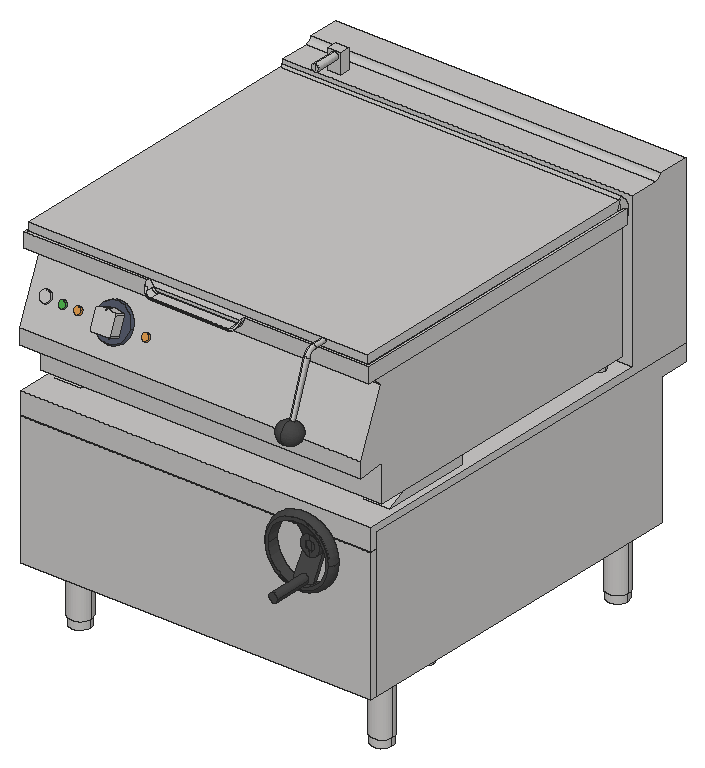
Revit family "QF_ZANUSSI_392416_Z9PPBDBAME", category Specialty Equipment, Revit 2018
Family settings
  Round Connector Dimension = Use Diameter
  Part Type = Normal
  Work Plane-Based = No
  Always vertical = Yes
  Cut with Voids When Loaded = No
  Shared = No
  Room Calculation Point = No
Parameters (values of type "Standard")
  Weight = 150.00 kg
  Watts = 0 W
  Volts = 380 V
  URL Manufacturer = "http://www.zanussiprofessional.com"
  URL = "http://www.zanussiprofessional.com"
  Steam Supply Size = 0"
  Steam Supply Minimum Pressure = 0.00 psi
  Steam Supply Maximum Pressure = 0.00 psi
  Steam Pounds per Hour = 0
  Show Logo [instance] = yes
  Show Clearance [instance] = yes
  Refrigeration Suction Line Size = 0"
  Refrigeration Liquid Line Size = 0"
  Refrigerant Compressor Remote = yes
  Phase = 3
  Model = "Z9PPBDBAME"
  Manufacturer = "Zanussi"
  Length Actual = 800 mm  # constant formula
  Item Number = "392416"
  Hot Water Size = 0"
  Height Actual = 850 mm  # constant formula
  HP = "17.4 HP"
  Gas Size = 0"
  Gas KW = 0
  Gas Input Pressure = 0.0 Btu/h
  Direct Waste Size = 0"
  Description = "80LT EL.BRATT PAN DUOMAT BOTTOM (AUS)"
  Depth Actual = 900 mm  # constant formula
  Cycle = 60 Hz
  Condensate Return Size = 0"
  Compressed Air Volume = 0 GPM
  Compressed Air Size = 0"
  Compressed Air Pressure = 0.00 psi
  Cold Water Size = 3/4"
  Assembly Code = ""
  Accessory = yes
Reference planes
  plane 1 "BACK": y = 0
  plane 2: z = 0
  plane 3 "LEFT": x = 0
  plane 4 "RIGHT": x = 800
  plane 5 "FRONT": y = -915
  plane 6 "TOP": z = 898
  plane 7 "Center Y": x = 400
  plane 8 "Center X": y = -457.5
  plane 9 "Base": z = 149
  plane 10: z = 502.193
  plane 11: z = 1653
  plane 12: y = -125
  plane 13: y = -799
  plane 14: y = -1034
  plane 15: x = 55
  plane 16: y = -160.853
  plane 17: x = 745
  plane 18: y = -1014
  plane 19: y = -899.182
  plane 20: x = 786
  plane 21: z = 850
  plane 22: x = 389
  plane 23: y = -702.182
  plane 24: y = -760.182
  plane 25: x = 340
Forms (mm)
  Revolve 1, solid, material "QF_Finishes_Stainless Steel"
    sketch origin (0, -125, 0) x (1, 0, 0) y (0, 0, 1)
      loop
        line (55, 0) -> (55, 149) -> (29.6, 149) -> (29.6, 19.05) -> (32.1, 19.05) -> (32.1, 0) -> (55, 0)
      axis (55, 0) -> (55, 149)
    angle from 0 to 360
  Revolve 2, solid, material "QF_Finishes_Stainless Steel"
    sketch origin (0, -799, 0) x (1, 0, 0) y (0, 0, 1)
      loop
        line (55, 0) -> (55, 149) -> (29.6, 149) -> (29.6, 19.05) -> (32.1, 19.05) -> (32.1, 0) -> (55, 0)
      axis (55, 0) -> (55, 149)
    angle from 0 to 360
  Extrusion 3, solid, material "QF_Finishes_Stainless Steel"
    sketch origin (0, -214.682, 0) x (0, 1, 0) y (0, 0, 1)
      loop
        line (214.682, 487.193) -> (214.682, 866.248) -> (143.055, 866.248)
        arc (143.055, 866.248) -> (139.432, 857.502) -> (130.686, 853.88) r 12.368
        line (130.686, 853.88) -> (64.682, 853.88) -> (64.682, 502.193) -> (-684.5, 502.193) -> (-684.5, 452.193) -> (-669.5, 452.193) -> (-669.5, 487.193) -> (214.682, 487.193)
      loop
        line (-669.5, 149) -> (-669.5, 451.193) -> (-684.5, 451.193) -> (-684.5, 149) -> (-669.5, 149)
    from 0 to 800
  Extrusion 4, solid, material "QF_Finishes_Stainless Steel"
    sketch origin (0, -214.682, 0) x (0, 1, 0) y (0, 0, 1)
      loop
        line (44.029, 528.406) -> (44.029, 817.127) -> (-678.5, 817.127) -> (-678.5, 809.681) -> (-643.264, 774.446) -> (-700.318, 641.094) -> (-700.318, 606.094) -> (-640.765, 613.406) -> (-640.765, 528.406) -> (44.029, 528.406)
    from 10 to 790
  Sweep 5, solid, material "QF_Finishes_Stainless Steel"
    path origin (0, -204.882, 145) x (-1, 0, 0) y (0, -1, 0)
      loop
        line (-290, 694.3) -> (-5, 694.3) -> (-5, -44.029) -> (-795, -44.029) -> (-795, 694.3) -> (-510, 694.3)
    profile origin (652.5, -899.182, 145) x (0, -1, 0) y (0, 0, 1)
      loop
        line (-5, 651.359) -> (0, 651.359) -> (0, 685.301) -> (-6, 685.301) -> (-6, 681.062) -> (-5, 681.062) -> (-5, 651.359)
  Extrusion 6, solid, material "QF_Finishes_Stainless Steel"
    sketch origin (0, -214.682, -5) x (0, 1, 0) y (0, 0, 1)
      loop
        line (33.715, 835.301) -> (42.572, 855) -> (-677.138, 855) -> (-677.138, 835.301) -> (33.715, 835.301)
      loop
        arc (64.305, 837.022) -> (57.071, 850.749) -> (45.92, 861.539) r 49.182
        line (45.92, 861.539) -> (39.069, 846.301) -> (45.904, 846.301) -> (45.904, 832.604) -> (64.305, 814.204) -> (64.305, 837.022)
    from 12.363 to 787.637
  Extrusion 7, solid, material "QF_Finishes_Stainless Steel"
    sketch origin (0, -214.682, 0) x (0, 1, 0) y (0, 0, 1)
      loop
        line (-403.818, 528.406) -> (-556.057, 528.406) -> (-609.801, 502.193) -> (-403.818, 502.193) -> (-403.818, 528.406)
    from 16.63 to 76.513
  Extrusion 8, solid, material "QF_Finishes_Stainless Steel"
    sketch origin (0, -207.182, 150) x (-1, 0, 0) y (0, -1, 0)
      loop
        circle (-46.571, -17.496) r 15
      loop
        circle (-753.429, -17.496) r 15
    from 352.193 to 383.406
  Extrusion 9, solid, material "QF_Finishes_Stainless Steel"
    sketch origin (0, -64.682, 0) x (0, 1, 0) y (0, 0, 1)
      loop
        line (-43.387, 853.88) -> (-43.387, 898) -> (-67.444, 898) -> (-67.444, 853.88) -> (-43.387, 853.88)
    from 87.469 to 116.843
  Revolve 10, solid, material "QF_Finishes_Stainless Steel"
    sketch origin (103.25, -64.682, 0) x (0, 1, 0) y (0, 0, 1)
      loop
        line (-67.444, 888.097) -> (-67.444, 896.222) -> (-123.629, 896.222) -> (-123.629, 888.097) -> (-67.444, 888.097)
      axis (-123.629, 888.097) -> (-67.444, 888.097)
    angle from 0 to 360
  Extrusion 11, solid, material "QF_Clearances", visible <- "Show Clearance", detail levels coarse
    sketch origin (0, -214.682, 0) x (1, 0, 0) y (0, 1, 0)
      loop
        line (800, 214.682) -> (800, -700.318) -> (850, -700.318) -> (850, 264.682) -> (-50, 264.682) -> (-50, -700.318) -> (0, -700.318) -> (0, 214.682) -> (800, 214.682)
    from 0 to 898
  Extrusion 12, solid, material "QF_Finishes_Stainless Steel"
    sketch origin (800, 0, 0) x (0, 1, 0) y (0, 0, 1)
      loop
        line (-884.182, 149) -> (-69, 149) -> (-69, 448) -> (0, 448) -> (0, 487.193) -> (-884.182, 487.193) -> (-884.182, 149)
    from 0 to -800
  Revolve 13, solid, material "QF_Finishes_Stainless Steel"
    sketch origin (1000, -125, 0) x (-1, 0, 0) y (0, 0, -1)
      loop
        line (255, 0) -> (232.1, 0) -> (232.1, -19.05) -> (229.6, -19.05) -> (229.6, -149) -> (255, -149) -> (255, 0)
      axis (255, 0) -> (255, -149)
    angle from 0 to 360
  Revolve 14, solid, material "QF_Finishes_Stainless Steel"
    sketch origin (1000, -799, 0) x (-1, 0, 0) y (0, 0, -1)
      loop
        line (255, 0) -> (232.1, 0) -> (232.1, -19.05) -> (229.6, -19.05) -> (229.6, -149) -> (255, -149) -> (255, 0)
      axis (255, 0) -> (255, -149)
    angle from 0 to 360
  Sweep 15, solid, material "QF_Finishes_Stainless Steel"
    path origin (8.84, -214.682, -10) x (0, 1, 0) y (0, 0, 1)
      loop
        line (-677.138, 852.831) -> (-705.492, 852.831)
        arc (-705.492, 852.831) -> (-716.963, 849.214) -> (-724.286, 839.672) r 20
        line (-724.286, 839.672) -> (-765.322, 726.924)
    profile origin (8.84, -905.997, 842.831) x (0, 0, -1) y (1, 0, 0)
      loop
        circle (0, 676.16) r 5
  Revolve 16, solid, material "QF_Finishes_Black"
    sketch origin (685, -194.682, 0) x (0, 1, 0) y (0, 0, 1)
      loop
        line (-785.322, 716.924) -> (-792.738, 719.623)
        arc (-792.738, 719.623) -> (-818.978, 701.075) -> (-800.713, 674.638) r 22.845
        line (-800.713, 674.638) -> (-785.322, 716.924)
      axis (-785.322, 716.924) -> (-800.713, 674.638)
    angle from 0 to 360
  Extrusion 17, solid, material "QF_Finishes_Stainless Steel"
    sketch origin (800, -69, 149) x (-1, 0, 0) y (0, 1, 0)
      loop
        circle (14, -649.182) r 12.7
    from 0 to 5
  Extrusion 18, solid, material "QF_Finishes_Stainless Steel"
    sketch origin (-3.75, -899.182, 149) x (0, 0, 1) y (-1, 0, 0)
      loop
        circle (289.443, -688.75) r 30
    from 0 to 5
  Extrusion 19, solid, material "QF_Finishes_Stainless Steel"
    sketch origin (800, -214.682, 0) x (0, 1, 0) y (0, 0, -1)
      loop
        line (-403.818, -528.406) -> (-403.818, -502.193) -> (-609.801, -502.193) -> (-556.057, -528.406) -> (-403.818, -528.406)
    from 16.63 to 76.513
  Revolve 20, solid, material "QF_Finishes_Black"
    sketch origin (685, -200.682, -28.57) x (0, 1, 0) y (0, 0, 1)
      loop
        line (-698.5, 467.193) -> (-698.5, 477.193) -> (-713.5, 477.193) -> (-713.5, 482.193) -> (-718.5, 482.193) -> (-718.5, 489.514) -> (-728.5, 489.514) -> (-728.5, 478.353) -> (-727.138, 478.353) -> (-727.138, 467.193) -> (-698.5, 467.193)
      axis (-698.5, 467.193) -> (-728.5, 467.193)
    angle from 0 to 360
  Sweep 21, solid, material "QF_Finishes_Black"
    path origin (10, -200.682, -28.57) x (1, 0, 0) y (0, 0, 1)
      loop
        circle (675, 467.193) r 80
    profile origin (685, -200.682, 518.623) x (0, 0, -1) y (0, -1, 0)
      loop
        arc (7.394, 765.784) -> (0.586, 756.102) -> (1.641, 744.313) r 17.21
        line (1.641, 744.313) -> (7.394, 740.784) -> (14.116, 740.784) -> (14.116, 765.784) -> (7.394, 765.784)
  Extrusion 22, solid, material "QF_Finishes_Black"
    sketch origin (10, -200.682, -28.57) x (0, 1, 0) y (0, 0, 1)
      loop
        line (-713.5, 457.193) -> (-713.5, 477.193) -> (-744.313, 533.065) -> (-751.622, 533.065) -> (-719.104, 474.103) -> (-719.104, 460.284) -> (-751.622, 401.321) -> (-744.313, 401.321) -> (-713.5, 457.193)
    from 654.029 to 698.392
  Extrusion 23, solid, material "QF_Finishes_Black"
    sketch origin (10, -200.682, -28.57) x (1, 0, 0) y (0, 0, 1)
      loop
        circle (675, 406.31) r 10
    from 742.86 to 833.318
  Extrusion 24, solid, material "QF_Finishes_Stainless Steel"
    sketch origin (0, -201.682, -15.905) x (1, 0, 0) y (0, 0, 1)
      loop
        line (509.996, 839.805) -> (509.996, 846.205) -> (502.677, 833.527)
        arc (502.677, 833.527) -> (496.674, 827.524) -> (488.474, 825.327) r 16.4
        line (488.474, 825.327) -> (311.526, 825.327)
        arc (311.526, 825.327) -> (303.32, 827.526) -> (297.312, 833.534) r 16.413
        line (297.312, 833.534) -> (289.996, 846.205) -> (289.996, 839.805) -> (294.541, 831.934)
        arc (294.541, 831.934) -> (301.72, 824.755) -> (311.526, 822.127) r 19.613
        line (311.526, 822.127) -> (488.474, 822.127)
        arc (488.474, 822.127) -> (498.274, 824.753) -> (505.448, 831.927) r 19.6
        line (505.448, 831.927) -> (509.996, 839.805)
    from 697.5 to 717.595
  Extrusion 25, void
    sketch origin (900, 188.397, 1219.2) x (0, -1, 0) y (0, 0, 1)
      loop
        line (1110.167, -415.736) -> (1110.167, -387.945) -> (1093.05, -387.945) -> (1110.167, -415.736)
    from 390 to 610
  Extrusion 26, solid, material "QF_Finishes_Orange"
    sketch origin (9.372, -901.482, 672.689) x (0, 0.393353, 0.919387) y (-1, 0, 0)
      loop
        circle (34.513, -113.251) r 8
    from 0 to 3.175
  Extrusion 27, solid, material "QF_Finishes_Green"
    sketch origin (14.068, -901.51, 672.624) x (0, 0.393353, 0.919387) y (-1, 0, 0)
      loop
        circle (34.513, -73.251) r 8
    from 0 to 3.175
  Extrusion 28, solid, material "QF_Finishes_Stainless Steel"
    sketch origin (10.937, -915, 641.094) x (0, 0.393353, 0.919387) y (-1, 0, 0)
      loop
        circle (71.473, -36.635) r 12.7
    from 0 to 3.2
  Extrusion 29, solid, material "QF_Finishes_Orange"
    sketch origin (164.372, -901.482, 672.689) x (0, 0.393353, 0.919387) y (-1, 0, 0)
      loop
        circle (34.513, -113.251) r 8
    from 0 to 3.175
  Extrusion 30, solid, material "QF_Clearances", visible <- "Show Clearance", detail levels coarse
    sketch origin (0, -996.643, 709.193) x (0, 0.238373, -0.971174) y (0, 0.971174, 0.238373)
      loop
        line (33.715, 835.301) -> (42.572, 855) -> (-677.138, 855) -> (-677.138, 835.301) -> (33.715, 835.301)
      loop
        arc (64.305, 837.022) -> (57.071, 850.749) -> (45.92, 861.539) r 49.182
        line (45.92, 861.539) -> (39.069, 846.301) -> (45.904, 846.301) -> (45.904, 832.604) -> (64.305, 814.204) -> (64.305, 837.022)
    from 12.363 to 787.637
  Sweep 31, solid, material "QF_Clearances", visible <- "Show Clearance", detail levels coarse
    path origin (8.84, -1001.499, 708.002) x (0, 0.238373, -0.971174) y (0, 0.971174, 0.238373)
      loop
        line (-677.138, 852.831) -> (-705.492, 852.831)
        arc (-705.492, 852.831) -> (-716.963, 849.214) -> (-724.286, 839.672) r 20
        line (-724.286, 839.672) -> (-765.322, 726.924)
    profile origin (8.84, -338.043, 1582.68) x (0, -0.971174, -0.238373) y (1, 0, 0)
      loop
        circle (0, 676.16) r 5
  Revolve 32, solid, material "QF_Clearances", visible <- "Show Clearance", detail levels coarse
    sketch origin (685, -987.02, 690.962) x (0, 0.238373, -0.971174) y (0, 0.971174, 0.238373)
      loop
        line (-785.322, 716.924) -> (-792.738, 719.623)
        arc (-792.738, 719.623) -> (-818.978, 701.075) -> (-800.713, 674.638) r 22.845
        line (-800.713, 674.638) -> (-785.322, 716.924)
      axis (-785.322, 716.924) -> (-800.713, 674.638)
    angle from 0 to 360
  Extrusion 33, solid, material "QF_Finishes_Stainless Steel"
    sketch origin (290, -899.182, 830.301) x (-1, 0, 0) y (0, 0, -1)
      loop
        line (0.004, 33.941) -> (-220, 33.941) -> (-220, -0.006) -> (-212.677, 12.678)
        arc (-212.677, 12.678) -> (-206.674, 18.681) -> (-198.474, 20.878) r 16.4
        line (-198.474, 20.878) -> (-21.526, 20.878)
        arc (-21.526, 20.878) -> (-13.32, 18.679) -> (-7.312, 12.672) r 16.413
        line (-7.312, 12.672) -> (0.004, 0) -> (0.004, 33.941)
    from 0 to -6
  Extrusion 34, solid, material "QF_Finishes_Stainless Steel"
    sketch origin (0, 0, 0) x (0, 1, 0) y (0, 0, 1)
      loop
        circle (-760.182, 325) r 9.525
    from 350.873 to 389
  Extrusion 35, solid, material "QF_Finishes_Stainless Steel"
    sketch origin (0, -915, 0) x (1, 0, 0) y (0, 0, 1)
      loop
        circle (340, 220) r 6.35
    from -212.818 to -194.708
  Extrusion 36, solid, material "QF_Plastic-Black-Matte"
    sketch origin (145.417, -886.473, 707.77) x (0, 0.393353, 0.919387) y (0, 0.919387, -0.393353)
      loop
        line (26.984, -34) -> (23.984, -34) -> (23.984, -35) -> (26.984, -35)
        arc (26.984, -35) -> (27.691, -34.707) -> (27.984, -34) r 1
        line (27.984, -34) -> (27.984, -19) -> (26.984, -19) -> (26.984, -34)
    from -58.5 to -56.5
  Extrusion 37, solid, material "QF_Finishes_Stainless Steel"
    sketch origin (202.917, -886.473, 707.77) x (-1, 0, 0) y (0, -0.393353, -0.919387)
      loop
        line (17.5, -17.5) -> (17.5, 17.5) -> (-17.5, 17.5) -> (-17.5, -17.5) -> (17.5, -17.5)
    from 5 to 10
  Extrusion 38, solid, material "QF_Finishes_Stainless Steel"
    sketch origin (202.917, -886.473, 707.77) x (-1, 0, 0) y (0, -0.393353, -0.919387)
      loop
        arc (-21.147, -22.789) -> (0, -26.984) -> (21.147, -22.789) r 55.4
        arc (21.147, -22.789) -> (22.494, -21.685) -> (23, -20.019) r 2.997
        line (23, -20.019) -> (23, 20.019)
        arc (23, 20.019) -> (22.122, 22.138) -> (20.003, 23.016) r 2.997
        line (20.003, 23.016) -> (-20.003, 23.016)
        arc (-20.003, 23.016) -> (-22.122, 22.138) -> (-23, 20.019) r 2.997
        line (-23, 20.019) -> (-23, -20.019)
        arc (-23, -20.019) -> (-22.494, -21.685) -> (-21.147, -22.789) r 2.997
    from 10 to 34
  Blend 39, solid, material "QF_Finishes_Navy Blue"
    base sketch origin (202.917, -886.473, 707.77) x (1, 0, 0) y (0, 0.393353, 0.919387)
      loop
        circle (0, 0) r 42.5
    top sketch origin (202.917, -886.473, 707.77) x (1, 0, 0) y (0, 0.393353, 0.919387)
      loop
        circle (0, 0) r 40.5
    from 0 to 5
Cuts and joins
  Extrusion 25 cuts Extrusion 24
  joined: Sweep 5, Extrusion 24, Extrusion 33
Lines and regions (mm)
  Split face 1
    outline origin (202.917, -891.07, 709.737) x (1, 0, 0) y (0, 0.393353, 0.919387)
      loop
        arc (-0.521, 36.501) -> (-26.491, 26.394) -> (-37.708, 0.884) r 36.411
        line (-37.708, 0.884) -> (-31.708, 0.884)
        arc (-31.708, 0.884) -> (-21.998, 23.844) -> (-0.521, 36.501) r 39.733
  Split face 2
    outline origin (202.917, -891.07, 709.737) x (1, 0, 0) y (0, 0.393353, 0.919387)
      loop
        circle (-30.633, -14.752) r 1.5
  Split face 3
    outline origin (202.917, -891.07, 709.737) x (1, 0, 0) y (0, 0.393353, 0.919387)
      loop
        circle (-21.199, -26.582) r 1.5
  Split face 4
    outline origin (202.917, -891.07, 709.737) x (1, 0, 0) y (0, 0.393353, 0.919387)
      loop
        circle (-7.566, -33.148) r 1.5
  Split face 5
    outline origin (202.917, -891.07, 709.737) x (1, 0, 0) y (0, 0.393353, 0.919387)
      loop
        circle (7.566, -33.148) r 1.5
  Split face 6
    outline origin (202.917, -891.07, 709.737) x (1, 0, 0) y (0, 0.393353, 0.919387)
      loop
        circle (21.199, -26.582) r 1.5
  Split face 7
    outline origin (202.917, -891.07, 709.737) x (1, 0, 0) y (0, 0.393353, 0.919387)
      loop
        circle (30.633, -14.752) r 1.5
  Split face 8
    outline origin (202.917, -891.07, 709.737) x (1, 0, 0) y (0, 0.393353, 0.919387)
      loop
        circle (34, 0) r 1.5
  Split face 9
    outline origin (202.917, -891.07, 709.737) x (1, 0, 0) y (0, -0.393353, -0.919387)
      loop
        circle (30.633, -14.752) r 1.5
  Split face 10
    outline origin (202.917, -891.07, 709.737) x (1, 0, 0) y (0, -0.393353, -0.919387)
      loop
        circle (21.199, -26.582) r 1.5
  symbolic lines
    curve 1: line (10, -915, 149) -> (179.917, -915, 149)
    curve 2: line (0, -899.182, 149) -> (280.622, -899.182, 149)
    curve 3: line (5, -160.853, 149) -> (5, -899.182, 149)
    curve 4: line (0, 0, 149) -> (0, -899.182, 149)
    curve 5: line (800, -899.182, 149) -> (800, 0, 149)
    curve 6: line (5, -160.853, 149) -> (95.125, -160.853, 149)
    curve 7: line (789, -171.653, 149) -> (111.375, -171.653, 149)
    curve 8: line (0, -71.628, 149) -> (800, -71.628, 149)
    curve 9: line (111.375, -160.853, 149) -> (795, -160.853, 149)
    curve 10: line (95.125, -172.111, 149) -> (12.363, -172.111, 149)
    curve 11: line (90.942, -172.111, 149) -> (90.942, -192.672, 149)
    curve 12: line (117.192, -171.653, 149) -> (117.192, -192.672, 149)
    curve 13: arc (90.942, -192.672, 149) -> (104.067, -205.797, 149) -> (117.192, -192.672, 149) r 13.125
    curve 14: line (504.543, -915, 149) -> (680, -915, 149)
    curve 15: line (12.363, -891.82, 149) -> (787.637, -891.82, 149)
    curve 16: line (0, 0, 149) -> (800, 0, 149)
    curve 20: line (680, -980.005, 149) -> (680, -891.82, 149)
    curve 21: line (690, -980.005, 149) -> (690, -891.82, 149)
    curve 22: spline (685, -987.42, 149) -> (686.603, -987.265, 149) -> (688.14, -986.808, 149) -> (689.545, -986.066, 149) -> (690.761, -985.072, 149) -> (691.737, -983.866, 149) -> (692.431, -982.499, 149) -> (692.815, -981.028, 149) -> (692.874, -979.515, 149) -> (692.604, -978.022, 149) -> (692.016, -976.611, 149) -> (691.136, -975.342, 149) -> (690, -974.268, 149)
    curve 23: spline (690, -980.005, 149) -> (689.957, -980.618, 149) -> (689.83, -981.221, 149) -> (689.619, -981.803, 149) -> (689.33, -982.354, 149) -> (688.967, -982.865, 149) -> (688.536, -983.327, 149) -> (688.044, -983.732, 149) -> (687.5, -984.074, 149) -> (686.913, -984.345, 149) -> (686.294, -984.543, 149) -> (685.653, -984.663, 149) -> (685, -984.703, 149)
    curve 24: spline (685, -984.703, 149) -> (684.347, -984.663, 149) -> (683.706, -984.543, 149) -> (683.087, -984.345, 149) -> (682.5, -984.074, 149) -> (681.956, -983.732, 149) -> (681.464, -983.327, 149) -> (681.033, -982.865, 149) -> (680.67, -982.354, 149) -> (680.381, -981.803, 149) -> (680.17, -981.221, 149) -> (680.043, -980.618, 149) -> (680, -980.005, 149)
    curve 25: spline (680, -974.268, 149) -> (678.864, -975.342, 149) -> (677.984, -976.611, 149) -> (677.396, -978.022, 149) -> (677.126, -979.515, 149) -> (677.185, -981.028, 149) -> (677.569, -982.499, 149) -> (678.263, -983.866, 149) -> (679.239, -985.072, 149) -> (680.455, -986.066, 149) -> (681.86, -986.808, 149) -> (683.397, -987.265, 149) -> (685, -987.42, 149)
    curve 26: line (95.125, -188.311, 149) -> (111.375, -188.311, 149)
    curve 27: line (95.125, -132.127, 149) -> (95.125, -188.311, 149)
    curve 28: line (111.375, -188.311, 149) -> (111.375, -132.127, 149)
    curve 29: line (87.469, -132.127, 149) -> (116.843, -132.127, 149)
    curve 30: line (87.469, -108.069, 149) -> (87.469, -132.127, 149)
    curve 31: line (116.843, -108.069, 149) -> (87.469, -108.069, 149)
    curve 32: line (116.843, -132.127, 149) -> (116.843, -108.069, 149)
    curve 33: arc (680, -961.314, 149) -> (685, -1014, 149) -> (690, -961.314, 149) r 26.58
    curve 34: line (695, -1034, 182) -> (695, -1012.047, 182)
    curve 35: line (675, -1034, 182) -> (675, -1012.047, 182)
    curve 36: line (675, -1034, 182) -> (695, -1034, 182)
    curve 37: line (757.606, -966.466, 182) -> (701.354, -966.466, 182)
    curve 38: line (612.394, -941.466, 182) -> (680, -941.466, 182)
    curve 39: line (606.641, -944.996, 182) -> (680, -944.996, 182)
    curve 40: arc (763.359, -944.996, 182) -> (764.431, -956.789, 182) -> (757.606, -966.466, 182) r 17.151
    curve 41: line (757.606, -941.466, 182) -> (763.359, -944.996, 182)
    curve 42: line (708.392, -915, 182) -> (708.392, -941.466, 182)
    curve 43: line (664.029, -941.466, 182) -> (664.029, -915, 182)
    curve 44: arc (606.641, -944.996, 182) -> (605.569, -956.789, 182) -> (612.394, -966.466, 182) r 17.151
    curve 45: line (612.394, -941.466, 182) -> (606.641, -944.996, 182)
    curve 46: line (690, -944.996, 182) -> (763.359, -944.996, 182)
    curve 47: line (690, -941.466, 182) -> (757.606, -941.466, 182)
    curve 48: line (612.394, -966.466, 182) -> (668.646, -966.466, 182)
    curve 49: line (0, -150, 182) -> (95.125, -150, 182)
    curve 50: line (800, -150, 182) -> (111.375, -150, 182)
    curve 51: line (12.363, -891.82, 149) -> (12.363, -172.111, 149)
    curve 52: line (787.637, -891.82, 149) -> (787.637, -171.653, 149)
    curve 53: line (790, -915, 182) -> (790, -899.182, 182)
    curve 54: line (10, -899.182, 182) -> (10, -915, 182)
    curve 55: line (795, -160.853, 149) -> (795, -899.182, 149)
    curve 56: line (225.917, -915, 149) -> (295.414, -915, 149)
    curve 57: line (519.371, -899.182, 182) -> (505.448, -914.035, 182)
    curve 58: spline (505.442, -914.033, 182) -> (504.902, -914.595, 182) -> (504.301, -915.14, 182) -> (503.641, -915.666, 182) -> (502.924, -916.17, 182) -> (502.153, -916.653, 182) -> (501.331, -917.111, 182) -> (500.459, -917.544, 182) -> (499.542, -917.95, 182) -> (498.582, -918.327, 182) -> (497.581, -918.675, 182) -> (496.544, -918.992, 182) -> (495.475, -919.277, 182)
    curve 59: line (304.523, -919.277, 182) -> (495.475, -919.277, 182)
    curve 60: line (294.541, -914.031, 182) -> (280.622, -899.182, 182)
    curve 61: spline (304.523, -919.277, 182) -> (303.452, -918.992, 182) -> (302.414, -918.675, 182) -> (301.413, -918.327, 182) -> (300.452, -917.949, 182) -> (299.534, -917.543, 182) -> (298.662, -917.11, 182) -> (297.838, -916.651, 182) -> (297.067, -916.168, 182) -> (296.35, -915.663, 182) -> (295.689, -915.137, 182) -> (295.087, -914.592, 182) -> (294.547, -914.029, 182)
    curve 62: line (519.371, -899.182, 149) -> (680, -899.182, 149)
    curve 63: line (690, -899.182, 149) -> (800, -899.182, 149)
    curve 64: line (690, -915, 149) -> (790, -915, 149)
    curve 65: line (179.917, -899.196, 0) -> (179.917, -925.453, 0)
    curve 66: arc (179.917, -925.453, 0) -> (180.063, -925.917, 0) -> (180.449, -926.213, 0) r 0.809
    curve 67: arc (180.449, -926.213, 0) -> (181.637, -926.693, 0) -> (182.915, -926.786, 0) r 4.127
    curve 68: arc (179.917, -910.086, 0) -> (180.419, -909.365, 0) -> (181.217, -908.995, 0) r 1.682
    curve 69: arc (181.217, -908.995, 0) -> (191.519, -907.497, 0) -> (201.917, -906.988, 0) r 109.079
    curve 70: line (201.917, -899.182, 0) -> (201.917, -909.218, 0)
    curve 71: line (201.917, -909.218, 0) -> (203.917, -909.218, 0)
    curve 72: line (203.917, -909.218, 0) -> (203.917, -899.218, 0)
    curve 73: line (225.917, -899.182, 0) -> (225.917, -925.453, 0)
    curve 74: arc (225.917, -925.453, 0) -> (225.771, -925.917, 0) -> (225.385, -926.213, 0) r 0.809
    curve 75: arc (225.385, -926.213, 0) -> (224.197, -926.693, 0) -> (222.92, -926.786, 0) r 4.127
    curve 76: arc (225.917, -910.086, 0) -> (225.415, -909.365, 0) -> (224.618, -908.995, 0) r 1.682
    curve 77: arc (224.618, -908.995, 0) -> (214.315, -907.497, 0) -> (203.917, -906.988, 0) r 109.079
    curve 78: line (182.915, -926.786, 0) -> (222.92, -926.786, 0)
    curve 79: spline (225.917, -904.183, 0) -> (227.104, -903.848, 0) -> (228.259, -903.497, 0) -> (229.381, -903.13, 0) -> (230.469, -902.747, 0) -> (231.521, -902.348, 0) -> (232.535, -901.936, 0) -> (233.512, -901.509, 0) -> (234.448, -901.068, 0) -> (235.344, -900.615, 0) -> (236.197, -900.149, 0) -> (237.007, -899.671, 0) -> (237.773, -899.182, 0)
    curve 80: spline (168.061, -899.182, 0) -> (168.827, -899.671, 0) -> (169.637, -900.149, 0) -> (170.491, -900.615, 0) -> (171.386, -901.068, 0) -> (172.323, -901.509, 0) -> (173.299, -901.936, 0) -> (174.314, -902.348, 0) -> (175.366, -902.747, 0) -> (176.453, -903.13, 0) -> (177.576, -903.497, 0) -> (178.731, -903.848, 0) -> (179.917, -904.183, 0)
  symbolic lines, style "QF_Clearances", visible <- "Show Clearance", detail levels coarse
    curve 17: line (-50, 50, 150) -> (-50, -918.182, 150)
    curve 18: line (850, 50, 150) -> (850, -915, 150)
    curve 19: line (850, 50, 150) -> (-50, 50, 150)
Dimensions and locks
  equal spacing: plane 3 "LEFT", plane 7 "Center Y", plane 4 "RIGHT"
  plane 3 "LEFT" to plane 4 "RIGHT" = 800 mm
  equal spacing: plane 5 "FRONT", plane 8 "Center X", plane 1 "BACK"
  plane 5 "FRONT" to plane 1 "BACK" = 915 mm  (x2)
  plane 21 to level = 850 mm
  plane 9 "Base" to level = 149 mm
  plane 11 to level = 1653 mm
  plane 11 to plane 2 = 1653 mm
  plane 9 "Base" to plane 2 = 149 mm
  plane 13 to plane 12 = 674 mm
  plane 1 "BACK" to plane 14 = 1034 mm  (x2)
  plane 6 "TOP" to plane 2 = 898 mm
  plane 14 to plane 1 "BACK" = 1034 mm
  plane 4 "RIGHT" to plane 17 to plane 15 to plane 3 "LEFT" = 55 mm, 690 mm, 55 mm
  plane 1 "BACK" to plane 18 = 1014 mm
  Extrusion 12 to plane 1 "BACK" = 69 mm
  Extrusion 6 to plane 9 "Base" = 701 mm
  plane 2 to Extrusion 12 = 448 mm
  Extrusion 3 to plane 13 = 100.182 mm
  plane 12 to Extrusion 12 = 56 mm
  plane 4 "RIGHT" to plane 20 = 14 mm
  plane 21 to plane 9 "Base" to level = 701 mm, 149 mm
  plane 1 "BACK" to Extrusion 12 = 69 mm
  Extrusion 12 to plane 12 = 56 mm
  plane 12 to plane 13 = 674 mm
  plane 13 to Extrusion 3 = 100.182 mm
  Extrusion 12 to level = 448 mm
  plane 6 "TOP" to level = 898 mm
  Extrusion 3 to Extrusion 17 = 181 mm
  Extrusion 17 to Extrusion 3 = 181 mm
  Extrusion 34 sketch curve to plane 9 "Base" = 176 mm
  plane 22 to plane 3 "LEFT" = 389 mm
  Extrusion 35 sketch curve to plane 3 "LEFT" = 340 mm
  Extrusion 35 sketch curve to plane 9 "Base" = 71 mm
  plane 23 to Extrusion 3 = 197 mm
  Extrusion 34 sketch curve to Extrusion 3 = 139 mm
  plane 24 to Extrusion 3 = 139 mm
  Extrusion 34 to plane 9 "Base" = 176 mm  (x2)
  Extrusion 12 to Extrusion 35 = 71 mm
  Extrusion 35 to plane 9 "Base" = 71 mm
  plane 25 to plane 3 "LEFT" = 340 mm
  aligned and locked: level to plane 2
  aligned and locked: Extrusion 12 to plane 3 "LEFT"
Automatic sketch dimensions
  Revolve 1 sketch curve to plane 9 "Base" = 0 mm  (x2)
  Revolve 1 sketch curve to level = 0 mm
  Revolve 1 sketch curve to plane 15 = 0 mm  (x2)
  Revolve 1 sketch curve to Revolve 1 sketch curve = 22.9 mm
  Revolve 1 sketch curve to Revolve 1 sketch curve = 2.5 mm
  level to Revolve 1 sketch curve = 19.05 mm
  Revolve 2 sketch curve to plane 9 "Base" = 0 mm  (x2)
  Revolve 2 sketch curve to level = 0 mm
  Revolve 2 sketch curve to plane 15 = 0 mm  (x2)
  Revolve 2 sketch curve to Revolve 2 sketch curve = 22.9 mm
  Revolve 2 sketch curve to Revolve 2 sketch curve = 2.5 mm
  level to Revolve 2 sketch curve = 19.05 mm
  Extrusion 7 sketch curve to plane 10 = 0 mm
  Extrusion 7 sketch curve to plane 13 = 25.484 mm
  plane 13 to Extrusion 7 sketch curve = 28.261 mm
  plane 10 to Extrusion 7 sketch curve = 26.213 mm
  Extrusion 8 sketch curve to plane 17 = 8.429 mm
  Extrusion 8 sketch curve to plane 15 = 8.429 mm
  Extrusion 8 sketch curve to plane 12 = 64.686 mm  (x2)
  Extrusion 9 sketch curve to plane 6 "TOP" = 0 mm
  Extrusion 9 sketch curve to plane 12 = 7.127 mm
  plane 12 to Extrusion 9 sketch curve = 16.931 mm
  plane 21 to Extrusion 9 sketch curve = 3.88 mm
  Revolve 10 sketch curve to plane 6 "TOP" = 9.903 mm
  Revolve 10 sketch curve to plane 12 = 63.311 mm
  Revolve 10 sketch curve to plane 12 = 7.127 mm
  Revolve 10 sketch curve to Revolve 10 sketch curve = 0 mm  (x2)
  plane 12 to Revolve 10 sketch curve = 1.394 mm
  Revolve 10 sketch curve to plane 6 "TOP" = 1.778 mm
  Revolve 13 sketch curve to plane 9 "Base" = 0 mm  (x2)
  Revolve 13 sketch curve to level = 0 mm
  plane 17 to Revolve 13 sketch curve = 0 mm  (x2)
  Revolve 13 sketch curve to plane 20 = 18.1 mm
  Revolve 13 sketch curve to Revolve 13 sketch curve = 2.5 mm
  level to Revolve 13 sketch curve = 19.05 mm
  Revolve 14 sketch curve to plane 9 "Base" = 0 mm  (x2)
  Revolve 14 sketch curve to level = 0 mm
  plane 17 to Revolve 14 sketch curve = 0 mm  (x2)
  Revolve 14 sketch curve to plane 20 = 18.1 mm
  Revolve 14 sketch curve to Revolve 14 sketch curve = 2.5 mm
  level to Revolve 14 sketch curve = 19.05 mm
  plane 18 to Revolve 16 sketch curve = 18.604 mm
  Revolve 16 sketch curve to Revolve 16 sketch curve = 0 mm  (x4)
  plane 18 to Revolve 16 sketch curve = 22.834 mm
  Revolve 16 sketch curve to Revolve 16 sketch curve = 3.746 mm
  Revolve 16 sketch curve to Revolve 16 sketch curve = 7.415 mm
  plane 10 to Revolve 16 sketch curve = 172.444 mm
  Revolve 16 sketch curve to Revolve 16 sketch curve = 22.45 mm
  plane 10 to Extrusion 19 sketch curve = 0 mm
  Extrusion 19 sketch curve to plane 13 = 25.484 mm
  plane 13 to Extrusion 19 sketch curve = 28.261 mm
  plane 10 to Extrusion 19 sketch curve = 26.213 mm
  plane 17 to Sweep 21 sketch curve = 60 mm
  Sweep 21 sketch curve to plane 10 = 63.57 mm
  Sweep 21 sketch curve to profile plane = 1.641 mm
  Sweep 21 sketch curve to profile plane = 7.394 mm
  Sweep 21 sketch curve to Sweep 21 sketch curve = 5.753 mm
  Sweep 21 sketch curve to Sweep 21 sketch curve = 6.722 mm
  Sweep 21 sketch curve to Sweep 21 sketch curve = 3.093 mm
  profile plane to Sweep 21 sketch curve = 740.784 mm
  Sweep 21 sketch curve to Sweep 21 sketch curve = 3.53 mm
  Sweep 21 sketch curve to Sweep 21 sketch curve = 10.864 mm
  plane 17 to Extrusion 23 sketch curve = 60 mm
  Extrusion 23 sketch curve to plane 10 = 124.454 mm
  Extrusion 24 sketch curve to Extrusion 24 sketch curve = 0 mm  (x5)
  Extrusion 24 sketch curve to Extrusion 24 sketch curve = 4.545 mm
  Extrusion 24 sketch curve to Extrusion 24 sketch curve = 2.771 mm  (x2)
  Extrusion 24 sketch curve to Extrusion 24 sketch curve = 14.214 mm
  Extrusion 24 sketch curve to plane 21 = 40.578 mm
  plane 7 "Center Y" to Extrusion 24 sketch curve = 88.474 mm
  Extrusion 24 sketch curve to plane 21 = 32.378 mm
  Extrusion 24 sketch curve to Extrusion 24 sketch curve = 14.203 mm
  Extrusion 24 sketch curve to plane 21 = 33.978 mm
  Extrusion 24 sketch curve to plane 21 = 19.699 mm
  Extrusion 24 sketch curve to Extrusion 24 sketch curve = 7.32 mm
  Extrusion 24 sketch curve to Extrusion 24 sketch curve = 6.606 mm
  Extrusion 24 sketch curve to Extrusion 24 sketch curve = 6.4 mm  (x2)
  Extrusion 24 sketch curve to Extrusion 24 sketch curve = 7.872 mm
  Extrusion 28 sketch curve to plane 15 = 7.427 mm
  Extrusion 30 sketch curve to plane 11 = 87.075 mm
  plane 8 "Center X" to Extrusion 30 sketch curve = 110.667 mm
  Extrusion 30 sketch curve to Extrusion 30 sketch curve = 694.86 mm
  Extrusion 30 sketch curve to Extrusion 30 sketch curve = 15.993 mm
  Extrusion 30 sketch curve to Extrusion 30 sketch curve = 5.354 mm
  Extrusion 30 sketch curve to Extrusion 30 sketch curve = 3.503 mm
  Extrusion 30 sketch curve to Extrusion 30 sketch curve = 12.189 mm
  Extrusion 30 sketch curve to Extrusion 30 sketch curve = 3.348 mm
  Extrusion 30 sketch curve to Extrusion 30 sketch curve = 18.4 mm  (x2)
  Extrusion 30 sketch curve to Extrusion 30 sketch curve = 2.697 mm
  Extrusion 30 sketch curve to Extrusion 30 sketch curve = 14.057 mm
  Extrusion 30 sketch curve to Extrusion 30 sketch curve = 4.418 mm
  Extrusion 30 sketch curve to Extrusion 30 sketch curve = 11 mm
  Extrusion 30 sketch curve to Extrusion 30 sketch curve = 6.539 mm
  Sweep 31 sketch curve to plane 8 "Center X" = 20.462 mm
  Sweep 31 sketch curve to plane 11 = 28.458 mm
  Sweep 31 sketch curve to Sweep 31 sketch curve = 41.037 mm
  Sweep 31 sketch curve to Sweep 31 sketch curve = 18.794 mm
  Sweep 31 sketch curve to Sweep 31 sketch curve = 28.354 mm
  Sweep 31 sketch curve to Sweep 31 sketch curve = 105.908 mm
  Sweep 31 sketch curve to Sweep 31 sketch curve = 6.84 mm
  Sweep 31 sketch curve to profile plane = 0 mm
  profile plane to Sweep 31 sketch curve = 676.16 mm
  Revolve 32 sketch curve to plane 11 = 23.591 mm
  Revolve 32 sketch curve to plane 8 "Center X" = 65.198 mm
  Revolve 32 sketch curve to Revolve 32 sketch curve = 0 mm  (x4)
  Revolve 32 sketch curve to Revolve 32 sketch curve = 4.229 mm
  Revolve 32 sketch curve to Revolve 32 sketch curve = 3.746 mm
  Revolve 32 sketch curve to Revolve 32 sketch curve = 7.415 mm
  Revolve 32 sketch curve to Revolve 32 sketch curve = 22.45 mm
  Extrusion 24 sketch curve to plane 7 "Center Y" = 88.474 mm
  plane 15 to Extrusion 26 sketch curve = 67.623 mm
  plane 15 to Extrusion 27 sketch curve = 32.319 mm
  Extrusion 29 sketch curve to plane 7 "Center Y" = 122.377 mm
  plane 9 "Base" to Revolve 1 sketch curve = 20 mm
  plane 9 "Base" to Revolve 2 sketch curve = 20 mm
  Revolve 13 sketch curve to Revolve 13 sketch curve = 20 mm
  plane 9 "Base" to Revolve 14 sketch curve = 20 mm
  plane 23 to Extrusion 7 sketch curve = 83.682 mm
  plane 23 to Extrusion 19 sketch curve = 83.682 mm
  plane 5 "FRONT" to curve 18 = 0 mm
  plane 4 "RIGHT" to curve 18 = 50 mm
  curve 19 to plane 3 "LEFT" = 50 mm
  curve 17 to plane 1 "BACK" = 50 mm
  plane 5 "FRONT" to curve 17 = 3.182 mm
  Extrusion 3 sketch curve to plane 10 = 0 mm
  Extrusion 3 sketch curve to plane 9 "Base" = 0 mm
  Extrusion 3 sketch curve to plane 1 "BACK" = 0 mm
  plane 21 to Extrusion 3 sketch curve = 16.248 mm
  plane 12 to Extrusion 3 sketch curve = 53.372 mm
  Extrusion 3 sketch curve to Extrusion 3 sketch curve = 12.368 mm
  Extrusion 3 sketch curve to plane 12 = 25 mm
  Extrusion 3 sketch curve to plane 5 "FRONT" = 30.818 mm  (x2)
  Extrusion 3 sketch curve to plane 10 = 15 mm
  Extrusion 3 sketch curve to Extrusion 3 sketch curve = 15 mm
  Extrusion 3 sketch curve to plane 5 "FRONT" = 15.818 mm
  Extrusion 3 sketch curve to Extrusion 3 sketch curve = 36 mm
  Extrusion 3 sketch curve to Extrusion 3 sketch curve = 1 mm
  Extrusion 4 sketch curve to plane 5 "FRONT" = 0 mm
  Extrusion 4 sketch curve to plane 5 "FRONT" = 21.818 mm
  Extrusion 4 sketch curve to Extrusion 4 sketch curve = 35.236 mm
  plane 10 to Extrusion 4 sketch curve = 26.213 mm
  Extrusion 4 sketch curve to plane 13 = 56.447 mm
  Extrusion 4 sketch curve to plane 12 = 45.653 mm
  Extrusion 4 sketch curve to Extrusion 4 sketch curve = 77.688 mm
  Extrusion 4 sketch curve to Extrusion 4 sketch curve = 7.312 mm
  Extrusion 4 sketch curve to Extrusion 4 sketch curve = 35 mm
  Extrusion 4 sketch curve to plane 21 = 75.554 mm
  Extrusion 4 sketch curve to plane 21 = 40.319 mm
  Extrusion 4 sketch curve to plane 21 = 32.873 mm
  plane 16 to Sweep 5 sketch curve = 0 mm
  Sweep 5 sketch curve to plane 4 "RIGHT" = 5 mm
  plane 3 "LEFT" to Sweep 5 sketch curve = 5 mm
  Sweep 5 sketch curve to plane 5 "FRONT" = 15.818 mm  (x2)
  plane 7 "Center Y" to Sweep 5 sketch curve = 110 mm
  Sweep 5 sketch curve to plane 25 = 50 mm
  Sweep 5 sketch curve to profile plane = 0 mm
  profile plane to Sweep 5 sketch curve = 5 mm
  Sweep 5 sketch curve to Sweep 5 sketch curve = 1 mm
  profile plane to Sweep 5 sketch curve = 651.359 mm
  Sweep 5 sketch curve to Sweep 5 sketch curve = 29.703 mm
  Sweep 5 sketch curve to Sweep 5 sketch curve = 4.238 mm
  Extrusion 6 sketch curve to plane 21 = 0 mm
  Extrusion 6 sketch curve to plane 5 "FRONT" = 23.18 mm
  Extrusion 6 sketch curve to plane 21 = 33.757 mm
  Extrusion 6 sketch curve to plane 12 = 71.96 mm
  Extrusion 6 sketch curve to plane 21 = 19.699 mm
  Extrusion 6 sketch curve to Extrusion 6 sketch curve = 15.993 mm
  Extrusion 6 sketch curve to plane 21 = 8.699 mm
  Extrusion 6 sketch curve to Extrusion 6 sketch curve = 5.354 mm
  Extrusion 6 sketch curve to Extrusion 6 sketch curve = 3.503 mm
  Extrusion 6 sketch curve to Extrusion 6 sketch curve = 12.189 mm
  plane 21 to Extrusion 6 sketch curve = 6.539 mm
  Extrusion 6 sketch curve to Extrusion 6 sketch curve = 3.348 mm
  Extrusion 6 sketch curve to plane 21 = 17.978 mm
  Extrusion 6 sketch curve to Extrusion 6 sketch curve = 22.819 mm
  Extrusion 6 sketch curve to Extrusion 6 sketch curve = 2.697 mm
  plane 5 "FRONT" to Extrusion 11 sketch curve = 0 mm  (x2)
  Extrusion 11 sketch curve to plane 3 "LEFT" = 0 mm
  plane 1 "BACK" to Extrusion 11 sketch curve = 0 mm
  Extrusion 11 sketch curve to plane 4 "RIGHT" = 0 mm
  Extrusion 11 sketch curve to plane 3 "LEFT" = 50 mm
  plane 4 "RIGHT" to Extrusion 11 sketch curve = 50 mm
  Extrusion 11 sketch curve to plane 1 "BACK" = 50 mm
  Extrusion 12 sketch curve to plane 9 "Base" = 0 mm
  Extrusion 12 sketch curve to plane 1 "BACK" = 0 mm
  plane 12 to Extrusion 12 sketch curve = 56 mm
  Extrusion 12 sketch curve to plane 5 "FRONT" = 30.818 mm
  Extrusion 12 sketch curve to plane 10 = 54.193 mm
  Extrusion 12 sketch curve to plane 10 = 15 mm
  plane 5 "FRONT" to Sweep 15 sketch curve = 23.968 mm
  plane 5 "FRONT" to Sweep 15 sketch curve = 5.174 mm
  Sweep 15 sketch curve to plane 21 = 27.169 mm
  Sweep 15 sketch curve to Sweep 15 sketch curve = 6.84 mm
  plane 18 to Sweep 15 sketch curve = 33.995 mm
  Sweep 15 sketch curve to plane 5 "FRONT" = 23.18 mm
  Sweep 15 sketch curve to Sweep 15 sketch curve = 112.748 mm
  Sweep 15 sketch curve to profile plane = 0 mm
  profile plane to Sweep 15 sketch curve = 676.16 mm
  Extrusion 17 sketch curve to Extrusion 12 = 14 mm
  Extrusion 17 sketch curve to Extrusion 12 = 166 mm
  Extrusion 18 sketch curve to Extrusion 3 = 12.75 mm
  Extrusion 3 to Extrusion 18 sketch curve = 115 mm
  plane 5 "FRONT" to Revolve 20 sketch curve = 14.182 mm
  Revolve 20 sketch curve to Revolve 20 sketch curve = 1.362 mm  (x2)
  plane 5 "FRONT" to Revolve 20 sketch curve = 4.182 mm
  Revolve 20 sketch curve to plane 5 "FRONT" = 0.818 mm
  Revolve 20 sketch curve to Revolve 20 sketch curve = 15 mm
  Revolve 20 sketch curve to plane 10 = 63.57 mm
  Revolve 20 sketch curve to Revolve 20 sketch curve = 10 mm
  Revolve 20 sketch curve to Revolve 20 sketch curve = 11.16 mm
  Revolve 20 sketch curve to Revolve 20 sketch curve = 5 mm
  Revolve 20 sketch curve to Revolve 20 sketch curve = 7.32 mm
  Revolve 20 sketch curve to Revolve 20 sketch curve = 16.362 mm
  Revolve 20 sketch curve to Revolve 20 sketch curve = 0 mm
  plane 10 to Extrusion 22 sketch curve = 2.302 mm
  plane 5 "FRONT" to Extrusion 22 sketch curve = 37.304 mm  (x2)
  Extrusion 22 sketch curve to Extrusion 22 sketch curve = 7.309 mm  (x2)
  plane 5 "FRONT" to Extrusion 22 sketch curve = 4.786 mm
  Extrusion 22 sketch curve to plane 5 "FRONT" = 0.818 mm
  Extrusion 22 sketch curve to plane 10 = 53.57 mm
  Extrusion 22 sketch curve to Extrusion 22 sketch curve = 3.091 mm  (x2)
  Extrusion 22 sketch curve to Extrusion 22 sketch curve = 13.819 mm
  Extrusion 22 sketch curve to Extrusion 22 sketch curve = 58.963 mm
  curve 50 to plane 4 "RIGHT" = 0 mm
  plane 5 "FRONT" to curve 53 = 0 mm
  plane 5 "FRONT" to curve 42 = 0 mm
  curve 36 to plane 14 = 0 mm
  plane 5 "FRONT" to curve 43 = 0 mm
  plane 5 "FRONT" to curve 54 = 0 mm
  curve 49 to plane 3 "LEFT" = 0 mm
  curve 46 to plane 17 = 18.359 mm
  curve 37 to plane 17 = 12.606 mm
  curve 40 to curve 41 = 5.753 mm
  curve 40 to plane 17 = 2.864 mm
  plane 17 to curve 36 = 50 mm
  curve 34 to curve 36 = 20 mm
  curve 35 to curve 44 = 52.864 mm
  curve 44 to curve 38 = 9.742 mm
  curve 44 to curve 48 = 9.742 mm
  plane 5 "FRONT" to curve 45 = 29.996 mm
  curve 38 to curve 45 = 5.753 mm
  plane 5 "FRONT" to curve 59 = 4.277 mm
  plane 7 "Center Y" to curve 59 = 95.475 mm
  curve 59 to plane 25 = 35.477 mm
  curve 38 to curve 39 = 3.53 mm
  plane 5 "FRONT" to curve 47 = 26.466 mm
  curve 41 to curve 46 = 3.53 mm
  curve 38 to curve 44 = 10.884 mm
  curve 41 to curve 40 = 10.884 mm
  plane 20 to curve 53 = 4 mm
  plane 17 to curve 42 = 36.608 mm
  curve 42 to curve 37 = 7.038 mm
  curve 42 to curve 47 = 18.392 mm
  curve 46 to curve 47 = 0 mm
  curve 47 to curve 38 = 10 mm
  curve 39 to curve 38 = 0 mm
  curve 39 to curve 48 = 11.354 mm
  curve 38 to curve 43 = 15.971 mm
  curve 57 to plane 5 "FRONT" = 15.818 mm
  curve 57 to curve 58 = 23.896 mm
  curve 58 to curve 58 = 11.938 mm
  curve 57 to plane 5 "FRONT" = 0.965 mm
  curve 58 to curve 57 = 1.965 mm
  curve 57 to curve 58 = 0.006 mm
  curve 58 to plane 5 "FRONT" = 5.606 mm
  curve 59 to curve 58 = 8.908 mm
  curve 61 to plane 5 "FRONT" = 5.613 mm
  curve 61 to curve 59 = 8.911 mm
  curve 61 to plane 5 "FRONT" = 0.971 mm
  curve 61 to curve 61 = 9.976 mm
  curve 60 to plane 5 "FRONT" = 0.969 mm
  curve 61 to curve 60 = 0.006 mm
  curve 60 to plane 5 "FRONT" = 15.818 mm
  curve 61 to curve 60 = 11.953 mm
  curve 50 to plane 12 = 25 mm
  plane 15 to curve 50 = 56.375 mm
  curve 50 to curve 49 = 16.25 mm
  plane 3 "LEFT" to curve 54 = 10 mm
  curve 54 to plane 5 "FRONT" = 15.818 mm
  curve 53 to plane 5 "FRONT" = 15.818 mm
  curve 49 to plane 12 = 25 mm
  plane 18 to curve 35 = 1.953 mm
  plane 18 to curve 34 = 1.953 mm
  Extrusion 25 sketch curve to plane 5 "FRONT" = 10.347 mm
  plane 5 "FRONT" to Extrusion 25 sketch curve = 6.769 mm
  Extrusion 25 sketch curve to plane 21 = 46.536 mm
  Extrusion 25 sketch curve to plane 21 = 18.745 mm
  Extrusion 33 sketch curve to Sweep 5 = 0 mm  (x2)
  Extrusion 33 sketch curve to Sweep 5 = 220 mm
  Sweep 5 to Extrusion 33 sketch curve = 12.678 mm
  Extrusion 33 sketch curve to Extrusion 33 sketch curve = 7.323 mm
  Sweep 5 to Extrusion 33 sketch curve = 4.478 mm
  Extrusion 33 sketch curve to Extrusion 33 sketch curve = 14.203 mm
  Extrusion 33 sketch curve to Sweep 5 = 21.526 mm
  Extrusion 33 sketch curve to Sweep 5 = 7.312 mm
  Sweep 5 to Extrusion 33 sketch curve = 0.004 mm
  Extrusion 33 sketch curve to Sweep 5 = 0.006 mm
  Sweep 5 to Extrusion 33 sketch curve = 4.465 mm
  Split face 1 sketch curve to Split face 1 sketch curve = 6 mm
  Split face 1 sketch curve to Split face 1 sketch curve = 30.402 mm
  Split face 1 sketch curve to Split face 1 sketch curve = 9.201 mm
  Split face 1 sketch curve to Split face 1 sketch curve = 2.43 mm
  Split face 1 sketch curve to Split face 1 sketch curve = 0.785 mm
  Extrusion 36 sketch curve to plane 5 "FRONT" = 5.782 mm
  Extrusion 36 sketch curve to plane 21 = 106.412 mm
  Extrusion 36 sketch curve to Extrusion 36 sketch curve = 3 mm
  Extrusion 36 sketch curve to Extrusion 36 sketch curve = 0 mm
  Extrusion 36 sketch curve to Extrusion 36 sketch curve = 1 mm  (x2)
  Extrusion 36 sketch curve to Extrusion 36 sketch curve = 15 mm
  Extrusion 37 sketch curve to plane 25 = 119.583 mm
  Extrusion 37 sketch curve to Extrusion 37 sketch curve = 35 mm  (x2)
  Extrusion 38 sketch curve to plane 25 = 114.083 mm
  Extrusion 38 sketch curve to Extrusion 38 sketch curve = 2.997 mm  (x3)
  Extrusion 38 sketch curve to Extrusion 38 sketch curve = 20.003 mm  (x2)
  Extrusion 38 sketch curve to Extrusion 38 sketch curve = 40.005 mm
  Extrusion 38 sketch curve to Extrusion 38 sketch curve = 0 mm  (x2)
  Extrusion 38 sketch curve to Extrusion 38 sketch curve = 40.037 mm
  Extrusion 38 sketch curve to Extrusion 38 sketch curve = 5.399 mm
  Blend 39 sketch curve to plane 25 = 137.083 mm  (x2)
  curve 65 to plane 25 = 160.083 mm
  curve 66 to curve 66 = 0.809 mm
  curve 68 to curve 68 = 1.583 mm
  curve 66 to curve 67 = 1.846 mm
  curve 66 to curve 78 = 2.189 mm
  curve 68 to curve 71 = 20.417 mm
  plane 14 to curve 69 = 17.934 mm
  curve 78 to curve 69 = 19.134 mm
  curve 69 to curve 77 = 1.738 mm
  curve 70 to curve 72 = 2 mm
  curve 71 to curve 78 = 19.003 mm
  curve 75 to curve 75 = 0.343 mm
  curve 75 to curve 76 = 1.071 mm
  curve 75 to curve 74 = 2.189 mm
  curve 74 to curve 73 = 0.809 mm
  curve 69 to curve 77 = 0 mm
  curve 78 to curve 66 = 1.333 mm
  curve 75 to curve 74 = 1.333 mm
  curve 74 to curve 75 = 2.779 mm
  curve 66 to curve 67 = 2.779 mm
  curve 67 to curve 68 = 12.021 mm
  curve 75 to curve 76 = 12.021 mm
  curve 68 to curve 71 = 1.435 mm
  curve 80 to curve 65 = 11.856 mm
  curve 79 to curve 80 = 5.644 mm
  curve 80 to curve 79 = 0 mm  (x2)
  curve 69 to curve 68 = 0.284 mm
  curve 70 to curve 79 = 1 mm
  curve 76 to curve 76 = 0.284 mm
  curve 73 to curve 79 = 11.856 mm
  curve 76 to curve 76 = 0.567 mm
  curve 68 to curve 68 = 0.567 mm
  curve 68 to curve 80 = 4.813 mm
  curve 76 to curve 79 = 4.813 mm
  curve 77 to curve 72 = 7.77 mm
  curve 80 to curve 65 = 4.987 mm
  curve 79 to curve 73 = 5.001 mm
  curve 73 to curve 79 = 0 mm
  curve 80 to curve 79 = 8.112 mm
  curve 72 to curve 70 = 0.035 mm
  plane 5 "FRONT" to curve 78 = 11.786 mm
  plane 1 "BACK" to curve 16 = 0 mm
  curve 16 to plane 4 "RIGHT" = 0 mm
  plane 5 "FRONT" to curve 64 = 0 mm
  plane 5 "FRONT" to curve 14 = 0 mm
  plane 5 "FRONT" to curve 56 = 0 mm
  plane 5 "FRONT" to curve 1 = 0 mm
  curve 4 to plane 3 "LEFT" = 0 mm
  curve 55 to plane 4 "RIGHT" = 5 mm
  plane 20 to curve 15 = 1.637 mm
  plane 17 to curve 21 = 55 mm
  curve 21 to curve 33 = 5 mm
  curve 33 to curve 20 = 5 mm
  plane 15 to curve 12 = 62.192 mm
  plane 12 to curve 32 = 16.931 mm
  plane 15 to curve 32 = 61.843 mm
  curve 13 to curve 28 = 5.816 mm
  curve 26 to curve 13 = 7.309 mm
  curve 27 to curve 13 = 4.184 mm
  curve 27 to curve 30 = 7.657 mm
  plane 3 "LEFT" to curve 51 = 12.363 mm
  plane 3 "LEFT" to curve 6 = 5 mm
  curve 29 to plane 12 = 7.127 mm
  curve 9 to plane 12 = 35.853 mm
  curve 3 to plane 12 = 35.853 mm
  curve 3 to curve 51 = 11.257 mm
  curve 10 to curve 28 = 16.201 mm
  curve 26 to curve 11 = 4.36 mm
  curve 15 to plane 5 "FRONT" = 23.18 mm
  curve 15 to curve 5 = 7.363 mm
  curve 15 to curve 4 = 7.363 mm
  plane 18 to curve 20 = 33.995 mm
  curve 21 to curve 24 = 0 mm
  curve 24 to curve 33 = 7.415 mm
  plane 20 to curve 64 = 4 mm
  curve 7 to curve 52 = 1.363 mm
  curve 25 to curve 21 = 2.891 mm
  curve 22 to curve 25 = 0 mm
  curve 24 to curve 21 = 0 mm
  curve 25 to curve 33 = 0 mm
  curve 62 to plane 5 "FRONT" = 15.818 mm
  plane 7 "Center Y" to curve 62 = 119.371 mm
  curve 62 to curve 14 = 14.828 mm
  curve 56 to plane 25 = 44.586 mm
  curve 56 to curve 2 = 14.792 mm
  curve 2 to curve 56 = 54.705 mm
  curve 56 to curve 1 = 46 mm
  plane 3 "LEFT" to curve 1 = 10 mm
  plane 12 to curve 8 = 53.372 mm
  curve 9 to curve 7 = 10.8 mm
  curve 33 to curve 23 = 18.691 mm
  curve 25 to curve 20 = 5.737 mm
  curve 22 to curve 23 = 5.737 mm
  curve 25 to curve 23 = 0 mm
  curve 23 to curve 33 = 2.717 mm
  radius of Extrusion 8 sketch curve = 15 mm  (x2)
  radius of Sweep 21 sketch curve = 80 mm
  radius of Extrusion 23 sketch curve = 10 mm
  radius of Extrusion 26 sketch curve = 8 mm
  radius of Extrusion 27 sketch curve = 8 mm
  radius of Extrusion 28 sketch curve = 12.7 mm
  radius of Extrusion 29 sketch curve = 8 mm
  radius of Sweep 31 sketch curve = 5 mm
  radius of Sweep 15 sketch curve = 5 mm
  radius of Extrusion 17 sketch curve = 12.7 mm
  radius of Extrusion 18 sketch curve = 30 mm
  radius of Extrusion 34 sketch curve = 9.525 mm
  radius of Extrusion 35 sketch curve = 6.35 mm
  radius of Split face 2 sketch curve = 1.5 mm
  radius of Split face 3 sketch curve = 1.5 mm
  radius of Split face 4 sketch curve = 1.5 mm
  radius of Split face 5 sketch curve = 1.5 mm
  radius of Split face 6 sketch curve = 1.5 mm
  radius of Split face 7 sketch curve = 1.5 mm
  radius of Split face 8 sketch curve = 1.5 mm
  radius of Split face 9 sketch curve = 1.5 mm
  radius of Split face 10 sketch curve = 1.5 mm
  radius of Blend 39 sketch curve = 42.5 mm
  radius of Blend 39 sketch curve = 40.5 mm
Connectors
  piping at (389, -760.182, 325), diameter 19
    settings: on Extrusion 34, index 1, connector inside diameter 0.74803", connector length 0 mm, flow factor 0, pipe flow 0 GPM, pressure drop 0.00 psi, fitting loss kfactor 0, connector angle 0.00°, fixture units 0, engagement length 0 mm, angle of deflection 0.00°, flow configuration 1, flow direction 1, fitting loss method 0, system type 20, joint type 0, gender type 0, connector reference index -1, connector utility 0, adjustable connector no, is connector primary yes, connector description "COLD WATER INLET"
  electrical at (340, -702.182, 220)
    settings: on Extrusion 35, index 2, voltage 400 V, apparent load 13000 VA, apparent load phase1 0 VA, apparent load phase2 0 VA, apparent load phase3 0 VA, power factor 1, load classification "Other", number of poles 1, system type 30, power factor state 1, is connector primary yes, connector utility no, sub classification motor no, connector description "ELECTRICAL CONNECTION"
